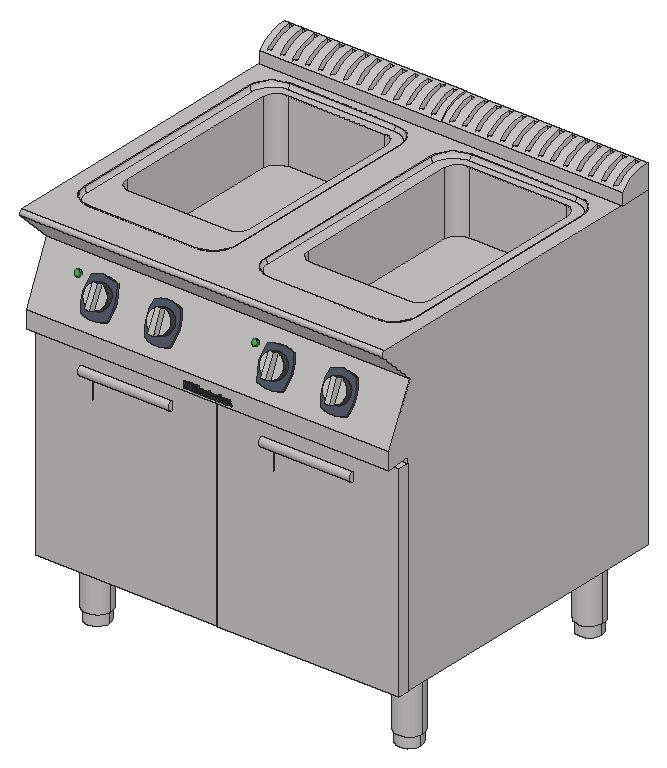
Revit family "QF_ELECTROLUXPROFESSIONAL_371442_E7OOBTBAMEI", category Attrezzature speciali, Revit 2018 (continued)
Automatic sketch dimensions
  Extrusion 22 sketch curve to Extrusion 22 sketch curve = 9.296 mm
  Extrusion 22 sketch curve to Extrusion 22 sketch curve = 57.15 mm
  Extrusion 24 sketch curve to plane 1 "BACK" = 6.761 mm
  Extrusion 24 sketch curve to plane 7 "Center Y" = 15.351 mm
  Extrusion 24 sketch curve to Extrusion 24 sketch curve = 9.296 mm
  Extrusion 24 sketch curve to Extrusion 24 sketch curve = 57.15 mm
  Extrusion 31 sketch curve to plane 1 "BACK" = 6.761 mm
  Extrusion 31 sketch curve to plane 7 "Center Y" = 182.405 mm
  Extrusion 31 sketch curve to Extrusion 31 sketch curve = 9.296 mm
  Extrusion 31 sketch curve to Extrusion 31 sketch curve = 57.15 mm
  Extrusion 32 sketch curve to plane 1 "BACK" = 6.761 mm
  Extrusion 32 sketch curve to plane 7 "Center Y" = 154.563 mm
  Extrusion 32 sketch curve to Extrusion 32 sketch curve = 9.296 mm
  Extrusion 32 sketch curve to Extrusion 32 sketch curve = 57.15 mm
  Extrusion 33 sketch curve to plane 1 "BACK" = 6.761 mm
  Extrusion 33 sketch curve to plane 7 "Center Y" = 126.721 mm
  Extrusion 33 sketch curve to Extrusion 33 sketch curve = 9.296 mm
  Extrusion 33 sketch curve to Extrusion 33 sketch curve = 57.15 mm
  Extrusion 34 sketch curve to plane 1 "BACK" = 6.761 mm
  Extrusion 34 sketch curve to plane 7 "Center Y" = 98.878 mm
  Extrusion 34 sketch curve to Extrusion 34 sketch curve = 9.296 mm
  Extrusion 34 sketch curve to Extrusion 34 sketch curve = 57.15 mm
  Extrusion 35 sketch curve to plane 1 "BACK" = 6.761 mm
  Extrusion 35 sketch curve to plane 7 "Center Y" = 71.036 mm
  Extrusion 35 sketch curve to Extrusion 35 sketch curve = 9.296 mm
  Extrusion 35 sketch curve to Extrusion 35 sketch curve = 57.15 mm
  Extrusion 36 sketch curve to plane 1 "BACK" = 6.761 mm
  Extrusion 36 sketch curve to plane 7 "Center Y" = 43.194 mm
  Extrusion 36 sketch curve to Extrusion 36 sketch curve = 9.296 mm
  Extrusion 36 sketch curve to Extrusion 36 sketch curve = 57.15 mm
  plane 1 "BACK" to Extrusion 37 sketch curve = 0 mm
  plane 7 "Center Y" to Extrusion 37 sketch curve = 1.587 mm
  Extrusion 37 sketch curve to plane 7 "Center Y" = 1.588 mm
  Extrusion 37 sketch curve to plane 1 "BACK" = 69.85 mm
  Extrusion 39 sketch curve to plane 5 "FRONT" = 42.863 mm
  Extrusion 39 sketch curve to Extrusion 39 sketch curve = 15 mm
  Extrusion 39 sketch curve to plane 9 "BASE" = 101.212 mm
  Extrusion 39 sketch curve to Extrusion 39 sketch curve = 41.212 mm
  Extrusion 40 sketch curve to plane 5 "FRONT" = 42.863 mm
  Extrusion 40 sketch curve to plane 9 "BASE" = 60 mm
  Extrusion 40 sketch curve to Extrusion 40 sketch curve = 10 mm
  Extrusion 41 sketch curve to plane 5 "FRONT" = 42.863 mm
  Extrusion 41 sketch curve to Extrusion 41 sketch curve = 15 mm
  Extrusion 41 sketch curve to plane 9 "BASE" = 60 mm
  Extrusion 41 sketch curve to Extrusion 41 sketch curve = 41.212 mm
  Extrusion 42 sketch curve to plane 5 "FRONT" = 42.863 mm
  Extrusion 42 sketch curve to plane 9 "BASE" = 40 mm
  Extrusion 42 sketch curve to Extrusion 42 sketch curve = 10 mm
  Revolve 43 sketch curve to level = 0 mm
  Revolve 43 sketch curve to plane 14 = 0 mm  (x2)
  level to Revolve 43 sketch curve = 25 mm
  Revolve 43 sketch curve to Revolve 43 sketch curve = 20 mm
  plane 3 "LEFT" to Revolve 43 sketch curve = 56 mm
  Revolve 43 sketch curve to Revolve 43 sketch curve = 0 mm
  plane 3 "LEFT" to Revolve 43 sketch curve = 29.75 mm
  plane 3 "LEFT" to Revolve 43 sketch curve = 26 mm
  Revolve 44 sketch curve to level = 0 mm
  Revolve 44 sketch curve to plane 14 = 0 mm  (x2)
  level to Revolve 44 sketch curve = 25 mm
  Revolve 44 sketch curve to Revolve 44 sketch curve = 20 mm
  plane 3 "LEFT" to Revolve 44 sketch curve = 56 mm
  Revolve 44 sketch curve to Revolve 44 sketch curve = 0 mm
  plane 3 "LEFT" to Revolve 44 sketch curve = 29.75 mm
  plane 3 "LEFT" to Revolve 44 sketch curve = 26 mm
  Sweep 50 sketch curve to plane 11 = 2.62 mm  (x2)
  Sweep 50 sketch curve to plane 7 "Center Y" = 33.337 mm
  plane 11 to Sweep 50 sketch curve = 47.38 mm
  Sweep 50 sketch curve to plane 12 = 57.513 mm
  Sweep 50 sketch curve to Sweep 50 sketch curve = 50 mm  (x2)
  plane 3 "LEFT" to Sweep 50 sketch curve = 83.338 mm
  profile plane to Sweep 50 sketch curve = 0 mm
  Sweep 50 sketch curve to plane 10 "TOP A" = 0 mm
  Sweep 50 sketch curve to profile plane = 5.055 mm
  Sweep 50 sketch curve to profile plane = 14.151 mm
  Extrusion 2 sketch curve to plane 10 "TOP A" = 0 mm
  Extrusion 2 sketch curve to plane 1 "BACK" = 0 mm
  Extrusion 2 sketch curve to plane 6 "TOP" = 0 mm
  plane 1 "BACK" to Extrusion 2 sketch curve = 1.769 mm
  plane 10 "TOP A" to Extrusion 2 sketch curve = 25.4 mm
  plane 1 "BACK" to Extrusion 2 sketch curve = 69.85 mm
  Extrusion 3 sketch curve to plane 12 = 7.513 mm  (x3)
  Extrusion 3 sketch curve to plane 4 "RIGHT" = 33.338 mm
  Extrusion 3 sketch curve to plane 12 = 57.513 mm
  Extrusion 3 sketch curve to plane 11 = 2.62 mm  (x3)
  Extrusion 3 sketch curve to Extrusion 3 sketch curve = 50 mm  (x3)
  plane 7 "Center Y" to Extrusion 3 sketch curve = 83.337 mm
  Extrusion 3 sketch curve to plane 7 "Center Y" = 33.337 mm
  plane 11 to Extrusion 3 sketch curve = 47.38 mm
  plane 3 "LEFT" to Extrusion 3 sketch curve = 83.338 mm  (x2)
  Extrusion 5 sketch curve to Extrusion 1 = 31.333 mm  (x8)
  Extrusion 5 sketch curve to Extrusion 5 sketch curve = 12.3 mm  (x12)
  Extrusion 5 sketch curve to Extrusion 5 sketch curve = 34.925 mm  (x6)
  Extrusion 5 sketch curve to Extrusion 5 sketch curve = 0 mm  (x2)
  Extrusion 1 to Extrusion 5 sketch curve = 44.467 mm  (x4)
  Extrusion 1 to Extrusion 5 sketch curve = 76.335 mm
  Extrusion 5 sketch curve to Extrusion 5 sketch curve = 25.727 mm  (x8)
  Extrusion 5 sketch curve to Extrusion 5 sketch curve = 28.575 mm  (x4)
  Extrusion 5 sketch curve to Extrusion 5 sketch curve = 31.396 mm  (x2)
  Extrusion 5 sketch curve to Extrusion 5 sketch curve = 140.219 mm
  Extrusion 6 sketch curve to Extrusion 6 sketch curve = 0 mm  (x3)
  Extrusion 6 sketch curve to Extrusion 6 sketch curve = 140 mm
  Extrusion 6 sketch curve to Extrusion 6 sketch curve = 248.937 mm
  Extrusion 6 sketch curve to Extrusion 6 sketch curve = 139.885 mm
  Extrusion 7 sketch curve to Extrusion 7 sketch curve = 24.732 mm  (x4)
  Extrusion 7 sketch curve to Extrusion 7 sketch curve = 0 mm  (x4)
  Extrusion 1 to Extrusion 8 sketch curve = 39.678 mm  (x2)
  Extrusion 1 to Extrusion 8 sketch curve = 324.515 mm
  Extrusion 1 to Extrusion 8 sketch curve = 83.473 mm
  plane 1 "BACK" to Extrusion 9 sketch curve = 0 mm
  Extrusion 9 sketch curve to plane 3 "LEFT" = 0 mm
  Extrusion 9 sketch curve to plane 4 "RIGHT" = 0 mm
  Extrusion 9 sketch curve to plane 3 "LEFT" = 150.019 mm
  plane 5 "FRONT" to Extrusion 9 sketch curve = 1.377 mm  (x2)
  plane 4 "RIGHT" to Extrusion 9 sketch curve = 150.019 mm
  Extrusion 9 sketch curve to plane 1 "BACK" = 150.019 mm
  curve 129 to curve 151 = 0 mm  (x2)
  curve 131 to curve 145 = 0 mm
  curve 133 to curve 147 = 0 mm  (x2)
  curve 135 to curve 149 = 0 mm  (x2)
  curve 153 to curve 175 = 0 mm  (x2)
  curve 155 to curve 169 = 0 mm  (x2)
  curve 157 to curve 171 = 0 mm
  curve 159 to curve 173 = 0 mm  (x2)
  curve 98 to plane 4 "RIGHT" = 0 mm
  curve 7 to plane 4 "RIGHT" = 0 mm
  plane 5 "FRONT" to curve 99 = 0 mm
  plane 1 "BACK" to curve 93 = 0 mm
  curve 5 to plane 3 "LEFT" = 0 mm
  curve 96 to plane 3 "LEFT" = 0 mm
  plane 4 "RIGHT" to curve 3 = 150.019 mm
  curve 52 to plane 4 "RIGHT" = 13.453 mm
  curve 52 to curve 51 = 9.296 mm
  curve 157 to plane 11 = 2.62 mm
  curve 157 to plane 4 "RIGHT" = 33.338 mm
  curve 156 to curve 170 = 5.055 mm
  curve 51 to curve 58 = 18.547 mm
  curve 58 to curve 57 = 9.296 mm
  curve 165 to plane 4 "RIGHT" = 63.338 mm
  plane 1 "BACK" to curve 62 = 6.761 mm
  curve 57 to curve 62 = 18.547 mm
  curve 99 to plane 4 "RIGHT" = 74.24 mm
  curve 170 to curve 157 = 44.945 mm
  curve 60 to curve 155 = 4.904 mm
  curve 169 to curve 160 = 10 mm
  curve 166 to curve 165 = 30 mm
  plane 1 "BACK" to curve 65 = 6.761 mm
  curve 60 to curve 65 = 18.547 mm
  curve 64 to curve 65 = 9.296 mm
  curve 67 to curve 66 = 9.296 mm
  plane 1 "BACK" to curve 71 = 6.761 mm
  curve 66 to curve 71 = 18.547 mm
  curve 70 to curve 69 = 9.296 mm
  plane 1 "BACK" to curve 74 = 6.761 mm
  curve 69 to curve 74 = 18.547 mm
  curve 73 to curve 74 = 9.296 mm
  curve 76 to curve 75 = 9.296 mm
  plane 1 "BACK" to curve 79 = 6.761 mm
  curve 75 to curve 79 = 18.547 mm
  curve 79 to curve 78 = 9.296 mm
  curve 82 to curve 81 = 9.296 mm
  plane 1 "BACK" to curve 86 = 6.761 mm
  curve 81 to curve 86 = 18.547 mm
  curve 85 to curve 86 = 9.296 mm
  plane 7 "Center Y" to curve 163 = 93.338 mm
  curve 84 to curve 161 = 5.541 mm
  curve 159 to plane 11 = 2.62 mm
  curve 164 to curve 159 = 10 mm
  curve 161 to curve 175 = 10 mm
  plane 1 "BACK" to curve 88 = 6.761 mm
  curve 84 to curve 88 = 18.547 mm
  curve 88 to curve 87 = 9.296 mm
  curve 161 to plane 12 = 7.513 mm
  curve 153 to curve 161 = 20 mm
  plane 7 "Center Y" to curve 99 = 54.971 mm
  plane 1 "BACK" to curve 91 = 6.761 mm
  curve 87 to curve 91 = 18.547 mm
  curve 90 to curve 55 = 18.547 mm
  curve 55 to curve 54 = 9.296 mm
  plane 7 "Center Y" to curve 98 = 3.9 mm
  plane 7 "Center Y" to curve 95 = 1.588 mm
  curve 11 to plane 7 "Center Y" = 1.587 mm
  curve 96 to plane 7 "Center Y" = 3.9 mm
  curve 11 to curve 12 = 13.764 mm
  curve 128 to plane 7 "Center Y" = 33.338 mm
  curve 135 to curve 149 = 5.055 mm
  curve 48 to curve 49 = 9.296 mm
  curve 97 to plane 7 "Center Y" = 54.971 mm
  curve 139 to plane 7 "Center Y" = 63.337 mm
  plane 1 "BACK" to curve 47 = 6.761 mm
  curve 49 to curve 47 = 18.547 mm
  curve 45 to curve 46 = 9.296 mm
  plane 11 to curve 149 = 42.325 mm
  curve 150 to curve 149 = 44.945 mm
  curve 151 to plane 12 = 7.513 mm
  curve 137 to curve 151 = 20 mm
  curve 138 to curve 140 = 30 mm
  curve 129 to curve 137 = 10 mm
  plane 1 "BACK" to curve 42 = 6.761 mm
  curve 46 to curve 42 = 18.547 mm
  curve 42 to curve 43 = 9.296 mm
  curve 39 to curve 40 = 9.296 mm
  curve 40 to curve 36 = 18.547 mm
  plane 1 "BACK" to curve 33 = 6.761 mm
  curve 37 to curve 33 = 18.547 mm
  curve 33 to curve 34 = 9.296 mm
  curve 30 to curve 31 = 9.296 mm
  plane 1 "BACK" to curve 29 = 6.761 mm
  curve 31 to curve 29 = 18.547 mm
  curve 24 to curve 25 = 9.296 mm
  plane 1 "BACK" to curve 23 = 6.761 mm
  curve 25 to curve 23 = 18.547 mm
  curve 21 to curve 23 = 9.296 mm
  plane 3 "LEFT" to curve 140 = 93.338 mm
  curve 22 to curve 143 = 3.642 mm
  curve 133 to plane 11 = 2.62 mm
  curve 140 to curve 133 = 10 mm
  curve 143 to curve 144 = 10 mm
  plane 1 "BACK" to curve 20 = 6.761 mm
  curve 22 to curve 20 = 18.547 mm
  curve 97 to curve 5 = 74.24 mm
  curve 18 to curve 19 = 9.296 mm
  curve 142 to plane 12 = 7.513 mm
  curve 131 to curve 142 = 20 mm
  curve 15 to curve 17 = 9.296 mm
  plane 1 "BACK" to curve 10 = 6.761 mm
  curve 16 to curve 10 = 18.547 mm
  curve 8 to curve 9 = 9.296 mm
  curve 2 to plane 3 "LEFT" = 150.019 mm
  curve 1 to plane 1 "BACK" = 150.019 mm
  plane 1 "BACK" to curve 12 = 6.761 mm
  plane 1 "BACK" to curve 83 = 6.761 mm
  plane 1 "BACK" to curve 15 = 6.761 mm
  plane 1 "BACK" to curve 77 = 6.761 mm
  plane 1 "BACK" to curve 24 = 6.761 mm
  plane 1 "BACK" to curve 68 = 6.761 mm
  plane 1 "BACK" to curve 30 = 6.761 mm
  plane 1 "BACK" to curve 36 = 6.761 mm
  plane 1 "BACK" to curve 59 = 6.761 mm
  plane 1 "BACK" to curve 39 = 6.761 mm
  plane 1 "BACK" to curve 56 = 6.761 mm
  plane 1 "BACK" to curve 53 = 6.761 mm
  plane 1 "BACK" to curve 50 = 6.761 mm
  curve 49 to curve 129 = 26.213 mm
  curve 51 to curve 51 = 57.15 mm
  curve 54 to curve 54 = 57.15 mm
  curve 57 to curve 51 = 0 mm
  curve 60 to curve 57 = 0 mm
  curve 63 to curve 60 = 0 mm
  curve 66 to curve 63 = 0 mm
  curve 69 to curve 66 = 0 mm
  curve 72 to curve 69 = 0 mm
  curve 75 to curve 72 = 0 mm
  curve 78 to curve 75 = 0 mm
  curve 81 to curve 78 = 0 mm
  curve 84 to curve 81 = 0 mm
  curve 91 to curve 87 = 0 mm
  curve 52 to curve 95 = 5.939 mm
  curve 94 to curve 93 = 0 mm
  curve 154 to curve 160 = 20 mm
  curve 163 to curve 159 = 80 mm
  curve 142 to curve 133 = 80 mm
  curve 98 to plane 5 "FRONT" = 42.863 mm
  curve 96 to plane 5 "FRONT" = 42.863 mm
  plane 5 "FRONT" to curve 3 = 1.377 mm
  plane 5 "FRONT" to curve 1 = 1.377 mm
  Extrusion 23 sketch curve to plane 1 "BACK" = 6.761 mm
  plane 4 "RIGHT" to Extrusion 23 sketch curve = 22.749 mm
  Extrusion 23 sketch curve to Extrusion 23 sketch curve = 9.296 mm
  Extrusion 23 sketch curve to Extrusion 23 sketch curve = 57.15 mm
  Extrusion 25 sketch curve to plane 1 "BACK" = 6.761 mm
  plane 4 "RIGHT" to Extrusion 25 sketch curve = 50.591 mm
  Extrusion 25 sketch curve to Extrusion 25 sketch curve = 9.296 mm
  Extrusion 25 sketch curve to Extrusion 25 sketch curve = 57.15 mm
  Extrusion 26 sketch curve to plane 1 "BACK" = 6.761 mm
  plane 4 "RIGHT" to Extrusion 26 sketch curve = 78.433 mm
  Extrusion 26 sketch curve to Extrusion 26 sketch curve = 9.296 mm
  Extrusion 26 sketch curve to Extrusion 26 sketch curve = 57.15 mm
  Extrusion 27 sketch curve to plane 1 "BACK" = 6.761 mm
  plane 4 "RIGHT" to Extrusion 27 sketch curve = 106.275 mm
  Extrusion 27 sketch curve to Extrusion 27 sketch curve = 9.296 mm
  Extrusion 27 sketch curve to Extrusion 27 sketch curve = 57.15 mm
  Extrusion 28 sketch curve to plane 1 "BACK" = 6.761 mm
  plane 4 "RIGHT" to Extrusion 28 sketch curve = 134.118 mm
  Extrusion 28 sketch curve to Extrusion 28 sketch curve = 9.296 mm
  Extrusion 28 sketch curve to Extrusion 28 sketch curve = 57.15 mm
  Extrusion 29 sketch curve to plane 1 "BACK" = 6.761 mm
  plane 4 "RIGHT" to Extrusion 29 sketch curve = 161.96 mm
  Extrusion 29 sketch curve to Extrusion 29 sketch curve = 9.296 mm
  Extrusion 29 sketch curve to Extrusion 29 sketch curve = 57.15 mm
  Extrusion 30 sketch curve to plane 1 "BACK" = 6.761 mm
  plane 4 "RIGHT" to Extrusion 30 sketch curve = 189.802 mm
  Extrusion 30 sketch curve to Extrusion 30 sketch curve = 9.296 mm
  Extrusion 30 sketch curve to Extrusion 30 sketch curve = 57.15 mm
  Extrusion 38 sketch curve to Extrusion 1 = 0 mm
  Extrusion 1 to Extrusion 38 sketch curve = 12.7 mm
  Extrusion 1 to Extrusion 38 sketch curve = 398.463 mm
  Extrusion 38 sketch curve to Extrusion 38 sketch curve = 3.175 mm
  Revolve 45 sketch curve to level = 0 mm
  Revolve 45 sketch curve to plane 14 = 0 mm  (x2)
  level to Revolve 45 sketch curve = 25 mm
  Revolve 45 sketch curve to Revolve 45 sketch curve = 20 mm
  Revolve 45 sketch curve to plane 4 "RIGHT" = 26 mm
  Revolve 45 sketch curve to Revolve 45 sketch curve = 3.75 mm
  Revolve 45 sketch curve to Revolve 45 sketch curve = 30 mm
  Revolve 45 sketch curve to Revolve 45 sketch curve = 0 mm
  Revolve 46 sketch curve to level = 0 mm
  Revolve 46 sketch curve to plane 14 = 0 mm  (x2)
  level to Revolve 46 sketch curve = 25 mm
  Revolve 46 sketch curve to Revolve 46 sketch curve = 20 mm
  Revolve 46 sketch curve to plane 4 "RIGHT" = 26 mm
  Revolve 46 sketch curve to Revolve 46 sketch curve = 3.75 mm
  Revolve 46 sketch curve to Revolve 46 sketch curve = 30 mm
  Revolve 46 sketch curve to Revolve 46 sketch curve = 0 mm
  Extrusion 47 sketch curve to plane 4 "RIGHT" = 0 mm
  Extrusion 47 sketch curve to plane 3 "LEFT" = 0 mm
  plane 7 "Center Y" to Extrusion 47 sketch curve = 1.588 mm
  Extrusion 47 sketch curve to plane 7 "Center Y" = 1.588 mm
  Extrusion 47 sketch curve to plane 5 "FRONT" = 42.863 mm  (x2)
  Extrusion 49 sketch curve to plane 11 = 2.62 mm  (x2)
  Extrusion 49 sketch curve to plane 4 "RIGHT" = 33.338 mm
  Extrusion 49 sketch curve to plane 4 "RIGHT" = 63.338 mm
  Extrusion 49 sketch curve to plane 12 = 7.513 mm  (x6)
  Extrusion 49 sketch curve to Extrusion 49 sketch curve = 20 mm  (x2)
  plane 11 to Extrusion 49 sketch curve = 47.38 mm  (x2)
  Extrusion 49 sketch curve to Extrusion 49 sketch curve = 30 mm  (x4)
  Extrusion 49 sketch curve to Extrusion 49 sketch curve = 10 mm  (x4)
  plane 7 "Center Y" to Extrusion 49 sketch curve = 93.337 mm  (x2)
  Extrusion 49 sketch curve to plane 12 = 37.513 mm
  plane 7 "Center Y" to Extrusion 49 sketch curve = 83.337 mm
  Extrusion 49 sketch curve to plane 7 "Center Y" = 33.338 mm
  Extrusion 49 sketch curve to Extrusion 49 sketch curve = 50 mm
  plane 3 "LEFT" to Extrusion 49 sketch curve = 93.338 mm
  plane 3 "LEFT" to Extrusion 49 sketch curve = 83.338 mm
  Extrusion 49 sketch curve to Extrusion 49 sketch curve = 80 mm  (x2)
  Sweep 51 sketch curve to plane 11 = 2.62 mm  (x2)
  plane 7 "Center Y" to Sweep 51 sketch curve = 33.337 mm
  plane 11 to Sweep 51 sketch curve = 47.38 mm
  Sweep 51 sketch curve to plane 12 = 57.513 mm
  Sweep 51 sketch curve to Sweep 51 sketch curve = 50 mm  (x2)
  Sweep 51 sketch curve to plane 4 "RIGHT" = 83.338 mm
  Sweep 51 sketch curve to plane 10 "TOP A" = 0 mm
  profile plane to Sweep 51 sketch curve = 0 mm
  Sweep 51 sketch curve to Sweep 51 sketch curve = 5.055 mm
  Sweep 51 sketch curve to Sweep 51 sketch curve = 14.151 mm
  Extrusion 48 sketch curve to plane 11 = 16.884 mm
  curve 61 to curve 60 = 9.296 mm
  curve 63 to curve 67 = 18.547 mm
  curve 72 to curve 77 = 18.547 mm
  curve 78 to curve 82 = 18.547 mm
  curve 91 to curve 92 = 9.296 mm
  curve 12 to curve 13 = 9.296 mm
  curve 13 to curve 50 = 18.547 mm
  curve 43 to curve 39 = 18.547 mm
  curve 36 to curve 37 = 9.296 mm
  curve 34 to curve 32 = 18.547 mm
  curve 27 to curve 28 = 9.296 mm
  curve 28 to curve 24 = 18.547 mm
  curve 19 to curve 15 = 18.547 mm
  curve 60 to curve 61 = 0 mm
  curve 57 to curve 58 = 0 mm
  curve 63 to curve 64 = 0 mm
  curve 54 to curve 55 = 0 mm
  curve 51 to curve 52 = 0 mm
  curve 66 to curve 67 = 0 mm
  curve 49 to curve 48 = 0 mm
  curve 46 to curve 129 = 26.213 mm
  curve 69 to curve 70 = 0 mm
  curve 46 to curve 45 = 0 mm
  curve 43 to curve 46 = 0 mm
  curve 43 to curve 42 = 0 mm
  curve 40 to curve 43 = 0 mm
  curve 72 to curve 73 = 0 mm
  curve 40 to curve 39 = 0 mm
  curve 37 to curve 40 = 0 mm
  curve 37 to curve 36 = 0 mm
  curve 34 to curve 37 = 0 mm
  curve 75 to curve 76 = 0 mm
  curve 34 to curve 33 = 0 mm
  curve 31 to curve 34 = 0 mm
  curve 31 to curve 30 = 0 mm
  curve 28 to curve 31 = 0 mm
  curve 78 to curve 79 = 0 mm
  curve 28 to curve 27 = 0 mm
  curve 25 to curve 28 = 0 mm
  curve 25 to curve 24 = 0 mm
  curve 22 to curve 25 = 0 mm
  curve 81 to curve 82 = 0 mm
  curve 22 to curve 21 = 0 mm
  curve 19 to curve 22 = 0 mm
  curve 19 to curve 18 = 0 mm
  curve 16 to curve 19 = 0 mm
  curve 84 to curve 85 = 0 mm
  curve 16 to curve 15 = 0 mm
  curve 48 to curve 13 = 0 mm
  curve 13 to curve 12 = 0 mm
  curve 55 to curve 91 = 0 mm
  curve 87 to curve 88 = 0 mm
  curve 90 to curve 91 = 0 mm
  curve 9 to curve 11 = 5.939 mm
  curve 9 to curve 8 = 0 mm
  plane 9 "BASE" to Extrusion 52 sketch curve = 9.251 mm
  plane 9 "BASE" to Extrusion 52 sketch curve = 14.292 mm
  plane 7 "Center Y" to Extrusion 52 sketch curve = 5.651 mm
  plane 9 "BASE" to Extrusion 52 sketch curve = 14.311 mm
  Extrusion 52 sketch curve to Extrusion 52 sketch curve = 0 mm  (x28)
  Extrusion 52 sketch curve to Extrusion 52 sketch curve = 5.108 mm  (x2)
  Extrusion 52 sketch curve to Extrusion 52 sketch curve = 0.054 mm
  Extrusion 52 sketch curve to Extrusion 52 sketch curve = 0.218 mm
  Extrusion 52 sketch curve to Extrusion 52 sketch curve = 0.195 mm
  Extrusion 52 sketch curve to Extrusion 52 sketch curve = 0.249 mm
  plane 9 "BASE" to Extrusion 52 sketch curve = 14.608 mm
  Extrusion 52 sketch curve to Extrusion 52 sketch curve = 0.087 mm
  Extrusion 52 sketch curve to Extrusion 52 sketch curve = 0.358 mm
  Extrusion 52 sketch curve to Extrusion 52 sketch curve = 0.481 mm
  Extrusion 52 sketch curve to Extrusion 52 sketch curve = 0.597 mm
  Extrusion 52 sketch curve to Extrusion 52 sketch curve = 0.544 mm
  Extrusion 52 sketch curve to Extrusion 52 sketch curve = 0.936 mm
  Extrusion 52 sketch curve to Extrusion 52 sketch curve = 0.594 mm
  Extrusion 52 sketch curve to Extrusion 52 sketch curve = 0.343 mm
  Extrusion 52 sketch curve to Extrusion 52 sketch curve = 0.159 mm
  Extrusion 52 sketch curve to Extrusion 52 sketch curve = 0.826 mm
  Extrusion 52 sketch curve to Extrusion 52 sketch curve = 0.839 mm
  Extrusion 52 sketch curve to Extrusion 52 sketch curve = 0.852 mm
  Extrusion 52 sketch curve to Extrusion 52 sketch curve = 0.887 mm
  Extrusion 52 sketch curve to Extrusion 52 sketch curve = 0.928 mm
  Extrusion 52 sketch curve to Extrusion 52 sketch curve = 0.938 mm
  Extrusion 52 sketch curve to Extrusion 52 sketch curve = 0.444 mm
  Extrusion 52 sketch curve to Extrusion 52 sketch curve = 1.11 mm  (x3)
  Extrusion 52 sketch curve to Extrusion 52 sketch curve = 0.215 mm
  plane 7 "Center Y" to Extrusion 52 sketch curve = 0.014 mm
  Extrusion 52 sketch curve to Extrusion 52 sketch curve = 1.43 mm
  Extrusion 52 sketch curve to Extrusion 52 sketch curve = 1.188 mm
  Extrusion 52 sketch curve to Extrusion 52 sketch curve = 1.21 mm  (x2)
  Extrusion 52 sketch curve to Extrusion 52 sketch curve = 0.503 mm
  Extrusion 52 sketch curve to Extrusion 52 sketch curve = 0.488 mm
  Extrusion 52 sketch curve to Extrusion 52 sketch curve = 0.462 mm
  Extrusion 52 sketch curve to Extrusion 52 sketch curve = 1.386 mm
  Extrusion 52 sketch curve to Extrusion 52 sketch curve = 1.742 mm  (x2)
  Extrusion 52 sketch curve to Extrusion 52 sketch curve = 0.821 mm
  Extrusion 52 sketch curve to Extrusion 52 sketch curve = 0.497 mm
  Extrusion 52 sketch curve to Extrusion 52 sketch curve = 0.539 mm
  Extrusion 52 sketch curve to Extrusion 52 sketch curve = 0.686 mm
  Extrusion 52 sketch curve to plane 7 "Center Y" = 0.36 mm
  Extrusion 52 sketch curve to Extrusion 52 sketch curve = 0.408 mm
  Extrusion 52 sketch curve to Extrusion 52 sketch curve = 0.743 mm
  Extrusion 52 sketch curve to Extrusion 52 sketch curve = 1.16 mm
  Extrusion 52 sketch curve to Extrusion 52 sketch curve = 0.329 mm
  Extrusion 52 sketch curve to Extrusion 52 sketch curve = 1.054 mm
  Extrusion 52 sketch curve to Extrusion 52 sketch curve = 1.056 mm
  Extrusion 52 sketch curve to Extrusion 52 sketch curve = 0.129 mm
  Extrusion 52 sketch curve to Extrusion 52 sketch curve = 0.489 mm
  Extrusion 52 sketch curve to Extrusion 52 sketch curve = 0.441 mm
  Extrusion 52 sketch curve to Extrusion 52 sketch curve = 1.151 mm
  Extrusion 52 sketch curve to Extrusion 52 sketch curve = 1.141 mm  (x2)
  Extrusion 52 sketch curve to Extrusion 52 sketch curve = 0.768 mm
  Extrusion 52 sketch curve to Extrusion 52 sketch curve = 1.653 mm
  Extrusion 52 sketch curve to Extrusion 52 sketch curve = 0.499 mm
  Extrusion 52 sketch curve to Extrusion 52 sketch curve = 0.964 mm
  Extrusion 52 sketch curve to Extrusion 52 sketch curve = 0.949 mm
  Extrusion 52 sketch curve to Extrusion 52 sketch curve = 1.345 mm  (x2)
  Extrusion 52 sketch curve to Extrusion 52 sketch curve = 0.137 mm  (x2)
  Extrusion 52 sketch curve to Extrusion 52 sketch curve = 0.432 mm
  Extrusion 52 sketch curve to Extrusion 52 sketch curve = 1.142 mm
  Extrusion 52 sketch curve to Extrusion 52 sketch curve = 0.959 mm
  Extrusion 52 sketch curve to Extrusion 52 sketch curve = 0.176 mm
  Extrusion 52 sketch curve to Extrusion 52 sketch curve = 0.728 mm
  Extrusion 52 sketch curve to Extrusion 52 sketch curve = 3.375 mm  (x2)
  Extrusion 52 sketch curve to Extrusion 52 sketch curve = 1.905 mm
  Extrusion 52 sketch curve to Extrusion 52 sketch curve = 0.955 mm
  Extrusion 52 sketch curve to Extrusion 52 sketch curve = 1.251 mm
  Extrusion 52 sketch curve to Extrusion 52 sketch curve = 0.572 mm
  Extrusion 52 sketch curve to Extrusion 52 sketch curve = 1.92 mm
  Extrusion 52 sketch curve to Extrusion 52 sketch curve = 1.224 mm
  Extrusion 52 sketch curve to Extrusion 52 sketch curve = 0.745 mm
  Extrusion 52 sketch curve to Extrusion 52 sketch curve = 0.036 mm
  Extrusion 52 sketch curve to Extrusion 52 sketch curve = 0.896 mm  (x3)
  Extrusion 52 sketch curve to Extrusion 52 sketch curve = 2.607 mm
  Extrusion 52 sketch curve to Extrusion 52 sketch curve = 0.066 mm
  Extrusion 52 sketch curve to Extrusion 52 sketch curve = 0.248 mm
  Extrusion 52 sketch curve to Extrusion 52 sketch curve = 0.449 mm
  Extrusion 52 sketch curve to Extrusion 52 sketch curve = 1.052 mm
  Extrusion 52 sketch curve to Extrusion 52 sketch curve = 1.863 mm
  Extrusion 52 sketch curve to Extrusion 52 sketch curve = 1.31 mm  (x2)
  Extrusion 52 sketch curve to Extrusion 52 sketch curve = 0.901 mm
  Extrusion 52 sketch curve to Extrusion 52 sketch curve = 1.107 mm
  Extrusion 52 sketch curve to Extrusion 52 sketch curve = 2.122 mm
  Extrusion 52 sketch curve to Extrusion 52 sketch curve = 2.101 mm
  Extrusion 52 sketch curve to Extrusion 52 sketch curve = 0.106 mm
  Extrusion 52 sketch curve to Extrusion 52 sketch curve = 0.029 mm
  Extrusion 52 sketch curve to Extrusion 52 sketch curve = 2.09 mm
  Extrusion 52 sketch curve to Extrusion 52 sketch curve = 1.279 mm
  Extrusion 52 sketch curve to Extrusion 52 sketch curve = 2.008 mm
  Extrusion 52 sketch curve to Extrusion 52 sketch curve = 0.738 mm
  Extrusion 52 sketch curve to Extrusion 52 sketch curve = 0.382 mm
  Extrusion 52 sketch curve to Extrusion 52 sketch curve = 0.384 mm
  Extrusion 52 sketch curve to Extrusion 52 sketch curve = 0.002 mm
  Extrusion 52 sketch curve to Extrusion 52 sketch curve = 0.561 mm
  Extrusion 52 sketch curve to Extrusion 52 sketch curve = 0.592 mm
  Extrusion 52 sketch curve to Extrusion 52 sketch curve = 2.692 mm
  Extrusion 52 sketch curve to Extrusion 52 sketch curve = 1.259 mm
  Extrusion 52 sketch curve to Extrusion 52 sketch curve = 0.802 mm
  Extrusion 52 sketch curve to Extrusion 52 sketch curve = 1.024 mm  (x2)
  Extrusion 52 sketch curve to Extrusion 52 sketch curve = 0.682 mm
  Extrusion 52 sketch curve to Extrusion 52 sketch curve = 5.934 mm
  Extrusion 52 sketch curve to Extrusion 52 sketch curve = 2.186 mm
  Extrusion 52 sketch curve to Extrusion 52 sketch curve = 0.337 mm
  Extrusion 52 sketch curve to Extrusion 52 sketch curve = 0.021 mm
  Extrusion 52 sketch curve to Extrusion 52 sketch curve = 1.005 mm
  Extrusion 52 sketch curve to Extrusion 52 sketch curve = 0.552 mm
  Extrusion 52 sketch curve to Extrusion 52 sketch curve = 0.778 mm
  Extrusion 52 sketch curve to Extrusion 52 sketch curve = 0.063 mm
  Extrusion 52 sketch curve to Extrusion 52 sketch curve = 1.023 mm
  Extrusion 52 sketch curve to Extrusion 52 sketch curve = 3.804 mm
  Extrusion 52 sketch curve to Extrusion 52 sketch curve = 0.486 mm
  Extrusion 52 sketch curve to Extrusion 52 sketch curve = 0.266 mm  (x2)
  Extrusion 52 sketch curve to plane 7 "Center Y" = 1.105 mm
  Extrusion 52 sketch curve to Extrusion 52 sketch curve = 1.547 mm
  Extrusion 52 sketch curve to Extrusion 52 sketch curve = 0.717 mm  (x2)
  Extrusion 52 sketch curve to Extrusion 52 sketch curve = 1.667 mm
  Extrusion 52 sketch curve to Extrusion 52 sketch curve = 3.174 mm
  plane 7 "Center Y" to Extrusion 52 sketch curve = 0.05 mm
  Extrusion 52 sketch curve to Extrusion 52 sketch curve = 0.388 mm
  Extrusion 52 sketch curve to Extrusion 52 sketch curve = 1.342 mm
  Extrusion 52 sketch curve to Extrusion 52 sketch curve = 1.521 mm
  Extrusion 52 sketch curve to Extrusion 52 sketch curve = 0.124 mm
  Extrusion 52 sketch curve to Extrusion 52 sketch curve = 0.291 mm
  plane 7 "Center Y" to Extrusion 52 sketch curve = 6.967 mm
  Extrusion 52 sketch curve to Extrusion 52 sketch curve = 1.049 mm  (x2)
  Extrusion 52 sketch curve to Extrusion 52 sketch curve = 1.7 mm
  Extrusion 52 sketch curve to Extrusion 52 sketch curve = 0.894 mm
  Extrusion 52 sketch curve to Extrusion 52 sketch curve = 0.989 mm
  Extrusion 52 sketch curve to Extrusion 52 sketch curve = 1.168 mm
  Extrusion 52 sketch curve to Extrusion 52 sketch curve = 1.594 mm
  Extrusion 52 sketch curve to Extrusion 52 sketch curve = 0.731 mm
  Extrusion 52 sketch curve to Extrusion 52 sketch curve = 1.566 mm
  Extrusion 52 sketch curve to Extrusion 52 sketch curve = 0.064 mm
  plane 7 "Center Y" to Extrusion 52 sketch curve = 7.523 mm
  Extrusion 52 sketch curve to Extrusion 52 sketch curve = 0.556 mm  (x2)
  Extrusion 52 sketch curve to Extrusion 52 sketch curve = 0.48 mm
  Extrusion 52 sketch curve to Extrusion 52 sketch curve = 1.018 mm
  Extrusion 52 sketch curve to Extrusion 52 sketch curve = 0.787 mm
  Extrusion 52 sketch curve to Extrusion 52 sketch curve = 0.618 mm
  Extrusion 52 sketch curve to Extrusion 52 sketch curve = 1.672 mm
  Extrusion 52 sketch curve to Extrusion 52 sketch curve = 1.361 mm
  Extrusion 52 sketch curve to Extrusion 52 sketch curve = 0.822 mm
  Extrusion 52 sketch curve to Extrusion 52 sketch curve = 0.069 mm
  Extrusion 52 sketch curve to Extrusion 52 sketch curve = 1.88 mm
  Extrusion 52 sketch curve to Extrusion 52 sketch curve = 0.42 mm
  Extrusion 52 sketch curve to Extrusion 52 sketch curve = 0.062 mm
  Extrusion 52 sketch curve to Extrusion 52 sketch curve = 1.355 mm
  Extrusion 52 sketch curve to Extrusion 52 sketch curve = 2.34 mm
  Extrusion 52 sketch curve to Extrusion 52 sketch curve = 0.493 mm
  Extrusion 52 sketch curve to Extrusion 52 sketch curve = 0.136 mm
  Extrusion 52 sketch curve to Extrusion 52 sketch curve = 0.128 mm
  Extrusion 52 sketch curve to Extrusion 52 sketch curve = 3.616 mm
  Extrusion 52 sketch curve to Extrusion 52 sketch curve = 4.207 mm
  Extrusion 52 sketch curve to Extrusion 52 sketch curve = 0.183 mm
  Extrusion 52 sketch curve to Extrusion 52 sketch curve = 0.895 mm
  Extrusion 52 sketch curve to Extrusion 52 sketch curve = 1.314 mm
  Extrusion 52 sketch curve to Extrusion 52 sketch curve = 3.231 mm
  Extrusion 52 sketch curve to Extrusion 52 sketch curve = 1.299 mm
  Extrusion 52 sketch curve to Extrusion 52 sketch curve = 1.214 mm
  Extrusion 52 sketch curve to Extrusion 52 sketch curve = 1.264 mm
  Extrusion 52 sketch curve to Extrusion 52 sketch curve = 0.109 mm
  Extrusion 52 sketch curve to Extrusion 52 sketch curve = 0.357 mm
  Extrusion 52 sketch curve to Extrusion 52 sketch curve = 0.565 mm
  Extrusion 52 sketch curve to Extrusion 52 sketch curve = 2.504 mm
  Extrusion 52 sketch curve to Extrusion 52 sketch curve = 2.459 mm
  Extrusion 52 sketch curve to Extrusion 52 sketch curve = 1.322 mm
  Extrusion 52 sketch curve to Extrusion 52 sketch curve = 2.77 mm
  Extrusion 52 sketch curve to Extrusion 52 sketch curve = 2.51 mm
  Extrusion 52 sketch curve to Extrusion 52 sketch curve = 0.187 mm
  Extrusion 52 sketch curve to Extrusion 52 sketch curve = 2.559 mm
  Extrusion 52 sketch curve to Extrusion 52 sketch curve = 1.556 mm
  Extrusion 52 sketch curve to Extrusion 52 sketch curve = 0.222 mm
  Extrusion 52 sketch curve to Extrusion 52 sketch curve = 1.383 mm
  Extrusion 52 sketch curve to Extrusion 52 sketch curve = 3.114 mm
  Extrusion 52 sketch curve to Extrusion 52 sketch curve = 3.376 mm
  Extrusion 52 sketch curve to Extrusion 52 sketch curve = 0.934 mm
  Extrusion 52 sketch curve to Extrusion 52 sketch curve = 0.191 mm
  Extrusion 52 sketch curve to Extrusion 52 sketch curve = 3.696 mm
  Extrusion 52 sketch curve to Extrusion 52 sketch curve = 2.708 mm
  Extrusion 52 sketch curve to Extrusion 52 sketch curve = 3.333 mm
  Extrusion 52 sketch curve to Extrusion 52 sketch curve = 0.332 mm
  Extrusion 52 sketch curve to Extrusion 52 sketch curve = 1.087 mm
  Extrusion 52 sketch curve to Extrusion 52 sketch curve = 2.23 mm
  Extrusion 52 sketch curve to Extrusion 52 sketch curve = 2.757 mm
  Extrusion 52 sketch curve to Extrusion 52 sketch curve = 0.987 mm
  Extrusion 52 sketch curve to Extrusion 52 sketch curve = 1.529 mm
  Extrusion 52 sketch curve to Extrusion 52 sketch curve = 1.796 mm
  Extrusion 52 sketch curve to Extrusion 52 sketch curve = 2.859 mm
  Extrusion 52 sketch curve to Extrusion 52 sketch curve = 0.853 mm
  Extrusion 52 sketch curve to Extrusion 52 sketch curve = 1.241 mm
  Extrusion 52 sketch curve to Extrusion 52 sketch curve = 2.046 mm  (x2)
  Extrusion 52 sketch curve to Extrusion 52 sketch curve = 2.422 mm
  Extrusion 52 sketch curve to Extrusion 52 sketch curve = 0.27 mm
  Extrusion 52 sketch curve to Extrusion 52 sketch curve = 0.69 mm
  Extrusion 52 sketch curve to Extrusion 52 sketch curve = 0.781 mm  (x2)
  Extrusion 52 sketch curve to Extrusion 52 sketch curve = 3.136 mm
  Extrusion 52 sketch curve to Extrusion 52 sketch curve = 1.767 mm
  Extrusion 52 sketch curve to Extrusion 52 sketch curve = 0.138 mm
  Extrusion 52 sketch curve to Extrusion 52 sketch curve = 0.777 mm
  Extrusion 52 sketch curve to Extrusion 52 sketch curve = 1.19 mm
  Extrusion 52 sketch curve to Extrusion 52 sketch curve = 0.782 mm
  Extrusion 52 sketch curve to Extrusion 52 sketch curve = 1.268 mm
  Extrusion 52 sketch curve to Extrusion 52 sketch curve = 0.422 mm  (x2)
  Extrusion 52 sketch curve to Extrusion 52 sketch curve = 1.559 mm
  Extrusion 52 sketch curve to Extrusion 52 sketch curve = 3.927 mm
  Extrusion 52 sketch curve to Extrusion 52 sketch curve = 0.983 mm
  Extrusion 52 sketch curve to Extrusion 52 sketch curve = 1.134 mm
  Extrusion 52 sketch curve to Extrusion 52 sketch curve = 0.094 mm
  Extrusion 52 sketch curve to Extrusion 52 sketch curve = 1.584 mm
  plane 7 "Center Y" to Extrusion 52 sketch curve = 0.32 mm
  Extrusion 52 sketch curve to Extrusion 52 sketch curve = 0.916 mm
  Extrusion 52 sketch curve to Extrusion 52 sketch curve = 0.352 mm
  Extrusion 52 sketch curve to Extrusion 52 sketch curve = 0.458 mm
  Extrusion 52 sketch curve to Extrusion 52 sketch curve = 1.282 mm
  Extrusion 52 sketch curve to Extrusion 52 sketch curve = 1.363 mm
  Extrusion 52 sketch curve to Extrusion 52 sketch curve = 0.685 mm
  Extrusion 52 sketch curve to Extrusion 52 sketch curve = 0.905 mm
  Extrusion 52 sketch curve to Extrusion 52 sketch curve = 2.865 mm
  Extrusion 52 sketch curve to Extrusion 52 sketch curve = 0.472 mm
  Extrusion 52 sketch curve to Extrusion 52 sketch curve = 0.101 mm
  Extrusion 52 sketch curve to Extrusion 52 sketch curve = 0.54 mm
  Extrusion 52 sketch curve to Extrusion 52 sketch curve = 0.02 mm
  Extrusion 52 sketch curve to Extrusion 52 sketch curve = 0.468 mm
  Extrusion 52 sketch curve to Extrusion 52 sketch curve = 0.829 mm
  Extrusion 52 sketch curve to Extrusion 52 sketch curve = 0.582 mm
  Extrusion 52 sketch curve to Extrusion 52 sketch curve = 0.166 mm
  Extrusion 52 sketch curve to Extrusion 52 sketch curve = 0.16 mm
  Extrusion 52 sketch curve to Extrusion 52 sketch curve = 2.781 mm
  Extrusion 52 sketch curve to Extrusion 52 sketch curve = 1.118 mm
  Extrusion 52 sketch curve to Extrusion 52 sketch curve = 0.613 mm
  Extrusion 52 sketch curve to Extrusion 52 sketch curve = 0.361 mm
  Extrusion 52 sketch curve to Extrusion 52 sketch curve = 0.897 mm
  Extrusion 52 sketch curve to Extrusion 52 sketch curve = 0.167 mm
  Extrusion 52 sketch curve to Extrusion 52 sketch curve = 0.292 mm
  Extrusion 52 sketch curve to Extrusion 52 sketch curve = 0.305 mm
  Extrusion 52 sketch curve to Extrusion 52 sketch curve = 1.557 mm
  Extrusion 52 sketch curve to Extrusion 52 sketch curve = 2.499 mm
  Extrusion 52 sketch curve to Extrusion 52 sketch curve = 3.062 mm
  Extrusion 52 sketch curve to Extrusion 52 sketch curve = 2.968 mm
  Extrusion 52 sketch curve to Extrusion 52 sketch curve = 5.044 mm
  Extrusion 52 sketch curve to Extrusion 52 sketch curve = 0.629 mm  (x2)
  Extrusion 52 sketch curve to Extrusion 52 sketch curve = 1.131 mm
  Extrusion 52 sketch curve to Extrusion 52 sketch curve = 0.027 mm
  Extrusion 52 sketch curve to Extrusion 52 sketch curve = 2.235 mm
  radius of Extrusion 6 sketch curve = 25.4 mm  (x4)
  radius of Extrusion 7 sketch curve to Extrusion 6 = 0 mm  (x8)
  radius of Extrusion 8 sketch curve = 6.35 mm  (x2)
  radius of Extrusion 48 sketch curve = 6.35 mm  (x2)
  radius of Extrusion 48 sketch curve = 12.7 mm  (x2)
Connectors
  piping at (632, -581, 137.3), diameter 25.4, driven by "Direct Waste Size"
    settings: on Extrusion 48, index 1, connector inside diameter 1", connector length 0 mm, flow factor 0, pipe flow 0 GPM, pressure drop 0.00 psi, fitting loss kfactor 0, connector angle 0.00°, fixture units 0, engagement length 0 mm, angle of deflection 0.00°, flow configuration 1, flow direction 2, fitting loss method 0, system type 16, joint type 0, gender type 0, connector reference index -1, connector utility 0, adjustable connector no, is connector primary yes, connector description "Drain"
  piping at (735, -501, 137.3), diameter 12.7, driven by "Cold Water Size"
    settings: on Extrusion 48, index 2, connector inside diameter 0.50394", connector length 0 mm, flow factor 0, pipe flow 0 GPM, pressure drop 0.00 psi, fitting loss kfactor 0, connector angle 0.00°, fixture units 0, engagement length 0 mm, angle of deflection 0.00°, flow configuration 1, flow direction 1, fitting loss method 0, system type 20, joint type 0, gender type 0, connector reference index -1, connector utility 0, adjustable connector no, is connector primary no, connector description "Cold Water Inlet"
  piping at (232, -581, 137.3), diameter 25.4, driven by "Direct Waste Size"
    settings: on Extrusion 48, index 3, connector inside diameter 1", connector length 0 mm, flow factor 0, pipe flow 0 GPM, pressure drop 0.00 psi, fitting loss kfactor 0, connector angle 0.00°, fixture units 0, engagement length 0 mm, angle of deflection 0.00°, flow configuration 1, flow direction 2, fitting loss method 0, system type 16, joint type 0, gender type 0, connector reference index -1, connector utility 0, adjustable connector no, is connector primary no, connector description "Drain"
  piping at (65, -503, 137.3), diameter 12.8
    settings: on Extrusion 48, index 4, connector inside diameter 0.50394", connector length 0 mm, flow factor 0, pipe flow 0 GPM, pressure drop 0.00 psi, fitting loss kfactor 0, connector angle 0.00°, fixture units 0, engagement length 0 mm, angle of deflection 0.00°, flow configuration 1, flow direction 1, fitting loss method 0, system type 7, joint type 0, gender type 0, connector reference index -1, connector utility 0, adjustable connector no, is connector primary no, connector description "Gas Inlet"
Types (2, lengths in mm): name | URL | Modello | Produttore | Gas Size | Direct Waste Size | Descrizione | Cold Water Size
  (no name) | "www.electrolux.com/foodservice" | "371091" | "ELECTROLUX" | 0" | 0" | "700XP Freestanding Gas Pasta Cooker, 24.5 Lt. Well, 2 Wells" | 0"
  Standard | "https://www.electroluxprofessional.com/" | "E7OOBTBAMEI" | "Electrolux Professional" | 1/2" | 1" | "2-WELL GAS PASTA COOKER 2X24,5 LT 800MM - QMARK" | 1/2"
